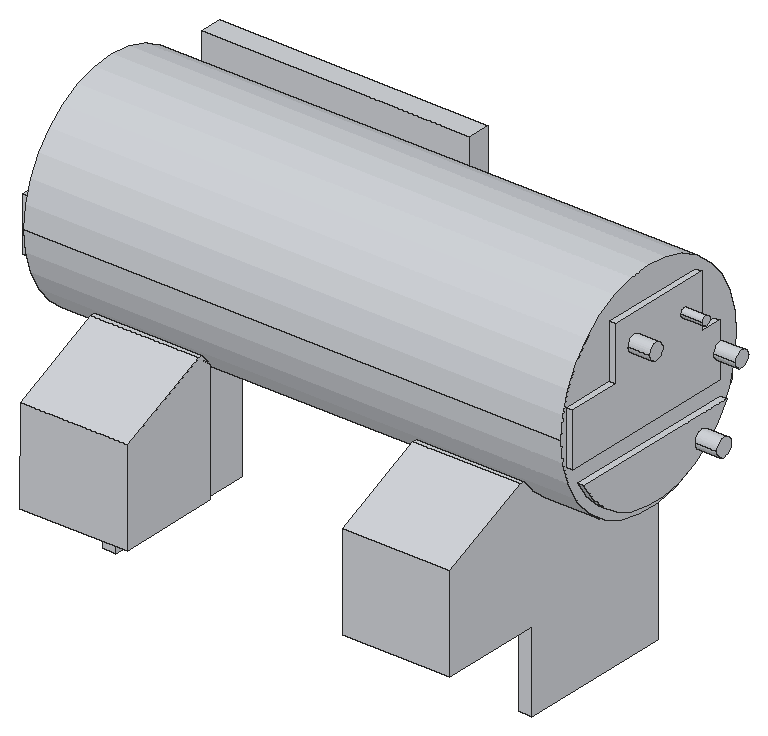
Revit family "M_Resfriador de absorção - Clássico - 394-1635 kW", category Equipamento mecânico, Revit 2019
Family settings
  Cota do conector redondo = Usar raio
  Tipo de parte = Normal
  Número OmniClass = 23.75.10.24.21.21.11
  Título OmniClass = Absorption Water Chillers
  ID de item do Seek = Absorption Chiller - Classic - 394-1635 kW-0000-CAN-ENU
  Com base no plano de trabalho = Não
  Sempre na vertical = Sim
  Corte com vazios quando carregada = Não
  Compartilhado = Não
  Ponto de cálculo do ambiente = Não
Parameters (values of type "394 kW")
  Voltagem = 460 V
  Raio do fornecimento de vapor = 25 mm
  Diâmetro do fornecimento de vapor = Raio do fornecimento de vapor * 2  # 50 mm
  Raio do retorno de vapor = 25 mm
  Diâmetro do retorno de vapor = Raio do retorno de vapor * 2  # 50 mm
  Queda de pressão do vapor [instance] = 0.0 Pa
  Fluxo do vapor [instance] = 245.0 L/s
  Número de pólos = 3
  Classificação de carga = Refrigeração
  Raio do fornecimento de água resfriada = 45 mm
  Diâmetro do fornecimento de água resfriada = Raio do fornecimento de água resfriada * 2  # 90 mm
  Raio do retorno de água resfriada = 50 mm
  Diâmetro do retorno de água resfriada = Raio do retorno de água resfriada * 2  # 100 mm
  Queda de pressão da água da refrigeração [instance] = 75700.0 Pa
  Fluxo da água da refrigeração [instance] = 25.0 L/s
  Capacidade de refrigeração [instance] = 380000 W
  Largura do resfriador = 1778 mm
  Raio do resfriador 1 = Raio do resfriador - 51 mm  # 571.5 mm
  Raio do resfriador = (Altura do resfriador - 965 mm) / 2  # 622.5 mm
  Material do resfriador = none
  Comprimento do resfriador = 3378 mm
  Altura do resfriador = 2210 mm
  Raio do fornecimento de água resfriada = 45 mm
  Diâmetro do fornecimento de água resfriada = Raio do fornecimento de água resfriada * 2  # 90 mm
  Raio do retorno de água resfriada = 45 mm
  Diâmetro do retorno de água resfriada = Raio do retorno de água resfriada * 2  # 90 mm
  Queda de pressão da água resfriada [instance] = 85500.0 Pa
  Fluxo da água resfriada [instance] = 16.3 L/s
  C5 Deslocamento 3 = 1880 mm
  C5 Deslocamento 2 = 203 mm
  C4 Deslocamento 3 = 1194 mm
  C4 Deslocamento 2 = 330 mm
  C3 Deslocamento 3 = 1930 mm
  C3 Deslocamento 2 = 152 mm
  C1 Deslocamento 3 = 1575 mm
  C1 Deslocamento 2 = 457 mm
  Carga aparente = 6400 VA
Types (12, lengths in mm): name | Fluxo do vapor | Raio do fornecimento de água resfriada | Diâmetro do fornecimento de água resfriada | Raio do retorno de água resfriada | Diâmetro do retorno de água resfriada | Queda de pressão da água da refrigeração | Fluxo da água da refrigeração | Capacidade de refrigeração | Largura do resfriador | Raio do resfriador 1 | Raio do resfriador | Comprimento do resfriador | Altura do resfriador | Raio do fornecimento de água resfriada | Diâmetro do fornecimento de água resfriada | Raio do retorno de água resfriada | Diâmetro do retorno de água resfriada | Queda de pressão da água resfriada | Fluxo da água resfriada | C5 Deslocamento 3 | C5 Deslocamento 2 | C4 Deslocamento 3 | C4 Deslocamento 2 | C3 Deslocamento 3 | C3 Deslocamento 2 | C1 Deslocamento 3 | C1 Deslocamento 2
  (no name) | 245.0 L/s | 45 | 90 | 50 | 100 | 75700.0 Pa | 25.0 L/s | 380000 W | 1778 | 571.5 | 622.5 | 3378 | 2210 | 45 | 90 | 45 | 90 | 85500.0 Pa | 16.3 L/s | 1880 | 203 | 1194 | 330 | 1930 | 152 | 1575 | 457
  394 kW | 245.0 L/s | 45 | 90 | 50 | 100 | 75700.0 Pa | 25.0 L/s | 380000 W | 1778 | 571.5 | 622.5 | 3378 | 2210 | 45 | 90 | 45 | 90 | 85500.0 Pa | 16.3 L/s | 1880 | 203 | 1194 | 330 | 1930 | 152 | 1575 | 457
  454 kW | 290.0 L/s | 50 | 100 | 50 | 100 | 102000.0 Pa | 29.3 L/s | 444000 W | 1778 | 571.5 | 622.5 | 3810 | 2210 | 45 | 90 | 45 | 90 | 78300.0 Pa | 19.1 L/s | 1880 | 203 | 1194 | 330 | 1930 | 152 | 1575 | 457
  520 kW | 332.0 L/s | 50 | 100 | 50 | 100 | 83700.0 Pa | 33.6 L/s | 515000 W | 1778 | 571.5 | 622.5 | 4293 | 2210 | 45 | 90 | 45 | 90 | 113000.0 Pa | 22.1 L/s | 1880 | 203 | 1194 | 330 | 1930 | 279 | 1575 | 457
  612 kW | 362.0 L/s | 62.5 | 125 | 62.5 | 125 | 96200.0 Pa | 39.5 L/s | 572000 W | 1854 | 635 | 686 | 3810 | 2337 | 50 | 100 | 50 | 100 | 80700.0 Pa | 24.5 L/s | 1981 | 229 | 1219 | 356 | 2057 | 178 | 1651 | 483
  703 kW | 419.0 L/s | 62.5 | 125 | 62.5 | 125 | 77400.0 Pa | 45.4 L/s | 663000 W | 1854 | 635 | 686 | 4293 | 2337 | 50 | 100 | 50 | 100 | 98300.0 Pa | 28.5 L/s | 1981 | 229 | 1219 | 356 | 2057 | 305 | 1651 | 483
  802 kW | 487.0 L/s | 62.5 | 125 | 62.5 | 125 | 107000.0 Pa | 51.8 L/s | 770000 W | 1854 | 635 | 686 | 4877 | 2337 | 50 | 100 | 50 | 100 | 84000.0 Pa | 33.1 L/s | 1981 | 229 | 1219 | 356 | 2057 | 305 | 1651 | 483
  900 kW | 549.0 L/s | 75 | 150 | 75 | 150 | 74200.0 Pa | 58.2 L/s | 868000 W | 1930 | 711 | 762 | 4394 | 2489 | 62.5 | 125 | 62.5 | 125 | 112000.0 Pa | 37.2 L/s | 2057 | 254 | 1219 | 406 | 2108 | 356 | 1702 | 559
  1034 kW | 640.0 L/s | 75 | 150 | 75 | 150 | 105000.0 Pa | 66.8 L/s | 1010000 W | 1930 | 711 | 762 | 4978 | 2489 | 62.5 | 125 | 62.5 | 125 | 93800.0 Pa | 43.3 L/s | 2057 | 279 | 1219 | 406 | 2108 | 356 | 1702 | 559
  1245 kW | 789.0 L/s | 75 | 150 | 75 | 150 | 88500.0 Pa | 66.8 L/s | 1190000 W | 1930 | 711 | 762 | 5867 | 2489 | 62.5 | 125 | 62.5 | 125 | 62800.0 Pa | 51.0 L/s | 2057 | 254 | 1219 | 406 | 2108 | 356 | 1702 | 559
  1354 kW | 811.0 L/s | 100 | 200 | 100 | 200 | 87900.0 Pa | 87.4 L/s | 1290000 W | 2159 | 812.5 | 863.5 | 5055 | 2692 | 75 | 150 | 75 | 150 | 83700.0 Pa | 55.5 L/s | 2210 | 305 | 1270 | 406 | 2235 | 406 | 1803 | 610
  1477-1635 kW | 989.0 L/s | 100 | 200 | 100 | 200 | 71800.0 Pa | 106.0 L/s | 1560000 W | 2159 | 812.7 | 863.7 | 5943.6 | 2692.4 | 75 | 150 | 75 | 150 | 56600.0 Pa | 67.0 L/s | 2209.8 | 304.8 | 1270 | 406.4 | 2235.2 | 406.4 | 1803.4 | 609.6
Reference planes
  plane 1 "Centro (Frente/Trás)": y = 0
  plane 2: z = 0
  plane 3 "Centro (Esquerda/Direita)": x = 0
  plane 4: y = -177.8
  plane 5: y = 444.7
  plane 6: y = 1067.2
  plane 7: y = 889.4
  plane 8: z = 965.2
  plane 9: z = 2210
  plane 10: z = 1587.6
  plane 11: x = -304.8
  plane 12: x = -342.9
  plane 13: x = -469.9
  plane 14: x = 2908.1
  plane 15: x = 2781.1
  plane 16: x = 2743
  plane 17: x = 2438.2
  plane 18: x = 76.2
  plane 19: x = 2362
  plane 20: z = 457.2
  plane 21: z = 996.95
  plane 22: z = 1219.2
  plane 23: y = 1194.2
  plane 24: y = -583.8
  plane 25: y = -82.55
  plane 26: x = 609.6
  plane 27: x = 1828.6
  plane 28: z = 1194
  plane 29: z = 2057.6
  plane 30: x = -292.1
  plane 31: x = 1231.9
  plane 32: y = 965.6
  plane 33: z = 1371.6
  plane 34: x = 2717.6
  plane 35: x = 1498.4
  plane 36: z = 1321
  plane 37: y = 901.7
  plane 38: y = -12.3
  plane 39: y = -139.3
  plane 40: y = 1028.7
  plane 41: y = 647.7
  plane 42: y = 292.7
  plane 43: y = 39.517
  plane 44: y = 774.7
  plane 45: y = 165.7
  plane 46: z = 1740
  plane 47: z = 1435.2
  plane 48: z = 1892.4
  plane 49: z = 2044.8
Forms (mm)
  Extrusion 1, solid, material <- "Material do resfriador"
    sketch origin (0, 0, 0) x (0, 1, 0) y (0, 0, 1)
      loop
        circle (444.7, 1587.6) r 622.5
    from -304.8 to 2743
  Extrusion 2, solid, material <- "Material do resfriador"
    sketch origin (0, 0, 0) x (0, 1, 0) y (0, 0, 1)
      loop
        line (889.4, 1587.6) -> (0, 1587.6) -> (0, 0) -> (889.4, 0) -> (889.4, 1587.6)
    from 76.2 to 0
  Extrusion 3, solid, material <- "Material do resfriador"
    sketch origin (0, 0, 0) x (0, 1, 0) y (0, 0, 1)
      loop
        line (889.4, 1587.6) -> (0, 1587.6) -> (0, 0) -> (889.4, 0) -> (889.4, 1587.6)
    from 2362 to 2438.2
  Extrusion 4, solid, material <- "Material do resfriador"
    sketch origin (0, 0, 0) x (0, 1, 0) y (0, 0, 1)
      loop
        line (0, 1219.2) -> (-82.55, 1219.2) -> (-583.8, 996.95) -> (-583.8, 457.2) -> (0, 457.2) -> (0, 1219.2)
    from 0 to 609.6
  Extrusion 5, solid, material <- "Material do resfriador"
    sketch origin (0, 0, 0) x (0, 1, 0) y (0, 0, 1)
      loop
        line (0, 1219.2) -> (-82.55, 1219.2) -> (-583.8, 996.95) -> (-583.8, 457.2) -> (0, 457.2) -> (0, 1219.2)
    from 1828.6 to 2438.2
  Extrusion 6, solid, material <- "Material do resfriador"
    sketch origin (0, 0, 0) x (0, 1, 0) y (0, 0, 1)
      loop
        line (1194.2, 2057.6) -> (1067.2, 2057.6) -> (1067.2, 1194) -> (1194.2, 1194) -> (1194.2, 2057.6)
    from -292.1 to 1231.9
  Extrusion 7, solid, material <- "Material do resfriador"
    sketch origin (0, 0, 0) x (0, 1, 0) y (0, 0, 1)
      loop
        circle (965.6, 1371.6) r 101.6
    from 1498.4 to 2717.6
  Extrusion 8, solid, material <- "Material do resfriador"
    sketch origin (0, 0, 0) x (0, 1, 0) y (0, 0, 1)
      loop
        line (950.206, 1321) -> (-60.806, 1321)
        arc (-60.806, 1321) -> (444.7, 1016.1) -> (950.206, 1321) r 571.5
    from -342.9 to -304.8
  Extrusion 9, solid, material <- "Material do resfriador"
    sketch origin (0, 0, 0) x (0, 1, 0) y (0, 0, 1)
      loop
        line (774.7, 2044.8) -> (165.7, 2044.8) -> (165.7, 1740) -> (-139.3, 1740) -> (-139.3, 1435.2) -> (1028.7, 1435.2) -> (1028.7, 1740) -> (774.7, 1740) -> (774.7, 2044.8)
    from -342.9 to -304.8
  Extrusion 10, solid, material <- "Material do resfriador"
    sketch origin (0, 0, 0) x (0, 1, 0) y (0, 0, 1)
      loop
        line (950.206, 1321) -> (-60.806, 1321)
        arc (-60.806, 1321) -> (444.7, 1016.1) -> (950.206, 1321) r 571.5
    from 2743 to 2781.1
  Extrusion 11, solid, material <- "Material do resfriador"
    sketch origin (0, 0, 0) x (0, 1, 0) y (0, 0, 1)
      loop
        line (774.7, 2044.8) -> (165.7, 2044.8) -> (165.7, 1740) -> (-139.3, 1740) -> (-139.3, 1435.2) -> (901.7, 1435.2) -> (901.7, 1740) -> (774.7, 1740) -> (774.7, 2044.8)
    from 2743 to 2781.1
  Extrusion 12, solid, material <- "Material do resfriador"
    sketch origin (0, 0, 0) x (0, 1, 0) y (0, 0, 1)
      loop
        circle (647.7, 1892.4) r 25
      loop
        circle (901.7, 1587.6) r 45
    from -342.9 to -469.9
  Extrusion 13, solid, material <- "Material do resfriador"
    sketch origin (0, 0, 0) x (0, 1, 0) y (0, 0, 1)
      loop
        circle (647.7, 1892.4) r 25
      loop
        circle (292.7, 1892.4) r 45
      loop
        circle (901.7, 1587.6) r 45
      loop
        circle (774.7, 1194) r 50
    from 2781.1 to 2908.1
Cuts and joins
  joined: Extrusion 1, Extrusion 2, Extrusion 3, Extrusion 4, Extrusion 5, Extrusion 6, Extrusion 7, Extrusion 8, Extrusion 9, Extrusion 10, Extrusion 11, Extrusion 12, Extrusion 13
Dimensions and locks
  locked: plane 1 "Centro (Frente/Trás)" to plane 4 at 177.8
  "Raio do resfriador": plane 5 to plane 4
  "Raio do resfriador": plane 6 to plane 5
  locked: plane 6 to plane 7 at 177.8
  locked: plane 8 to plane 2 at 965.2
  "Altura do resfriador": plane 9 to plane 2
  equal spacing: plane 9, plane 10, plane 8
  locked: plane 11 to plane 3 "Centro (Esquerda/Direita)" at 304.8
  locked: plane 12 to plane 11 at 38.1
  locked: plane 13 to plane 12 at 127
  "Comprimento do resfriador": plane 13 to plane 14
  locked: plane 15 to plane 14 at 127
  locked: plane 16 to plane 15 at 38.1
  locked: plane 17 to plane 16 at 304.8
  locked: plane 3 "Centro (Esquerda/Direita)" to plane 18 at 76.2
  locked: plane 19 to plane 17 at 76.2
  locked: plane 20 to plane 2 at 457.2
  locked: plane 21 to plane 20 at 539.75
  locked: plane 22 to plane 21 at 222.25
  locked: plane 23 to plane 6 at 127
  "Largura do resfriador": plane 23 to plane 24
  locked: plane 1 "Centro (Frente/Trás)" to plane 25 at 82.55
  locked: plane 3 "Centro (Esquerda/Direita)" to plane 26 at 609.6
  locked: plane 27 to plane 17 at 609.6
  "C4 Deslocamento 3": plane 28 to plane 2
  locked: plane 29 to plane 28 at 863.6
  locked: plane 11 to plane 30 at 12.7
  locked: plane 30 to plane 31 at 1524
  locked: plane 6 to plane 32 at 101.6
  locked: plane 33 to plane 2 at 1371.6
  locked: plane 34 to plane 16 at 25.4
  locked: plane 35 to plane 34 at 1219.2
  locked: plane 36 to plane 28 at 127
  "C1 Deslocamento 2": plane 37 to plane 5
  "C1 Deslocamento 2": plane 5 to plane 38
  locked: plane 40 to plane 37 at 127
  locked: plane 38 to plane 39 at 127
  "C5 Deslocamento 2": plane 41 to plane 5
  "C3 Deslocamento 2": plane 5 to plane 42
  locked: plane 44 to plane 41 at 127
  locked: plane 42 to plane 45 at 127
  locked: plane 10 to plane 47 at 152.4
  locked: plane 46 to plane 10 at 152.4
  locked: plane 48 to plane 46 at 152.4
  locked: plane 49 to plane 48 at 152.4
  "Raio do resfriador": radius of Extrusion 1 sketch curve
  radius of Extrusion 7 sketch curve = 101.6 mm
  "Raio do resfriador 1": radius of Extrusion 8 sketch curve
  "Raio do resfriador 1": radius of Extrusion 10 sketch curve
  "Raio do retorno de vapor": radius of Extrusion 12 sketch curve
  "Raio do retorno de água resfriada": radius of Extrusion 12 sketch curve
  "Raio do fornecimento de vapor": radius of Extrusion 13 sketch curve
  "Raio do fornecimento de água resfriada": radius of Extrusion 13 sketch curve  (x2)
  "Raio do retorno de água resfriada": radius of Extrusion 13 sketch curve
  aligned and locked: plane 5 to Extrusion 1 sketch curve
  aligned and locked: plane 10 to Extrusion 1 sketch curve
  aligned and locked: plane 16 to Extrusion 1
  aligned and locked: Extrusion 1 to plane 11
  aligned and locked: plane 7 to Extrusion 2 sketch curve
  aligned and locked: plane 10 to Extrusion 2 sketch curve
  aligned and locked: plane 2 to Extrusion 2 sketch curve
  aligned and locked: plane 1 "Centro (Frente/Trás)" to Extrusion 2 sketch curve
  aligned and locked: Extrusion 2 to plane 18
  aligned and locked: Extrusion 2 to plane 3 "Centro (Esquerda/Direita)"
  aligned and locked: Extrusion 3 sketch curve to Extrusion 2  (x3)
  aligned and locked: Extrusion 2 to Extrusion 3 sketch curve
  aligned and locked: plane 17 to Extrusion 3
  aligned and locked: Extrusion 3 to plane 19
  aligned and locked: Extrusion 4 to plane 3 "Centro (Esquerda/Direita)"
  aligned and locked: plane 26 to Extrusion 4
  aligned and locked: plane 17 to Extrusion 5
  aligned and locked: Extrusion 5 to plane 27
  aligned and locked: plane 23 to Extrusion 6 sketch curve
  aligned and locked: plane 29 to Extrusion 6 sketch curve
  aligned and locked: plane 28 to Extrusion 6 sketch curve
  aligned and locked: Extrusion 6 sketch curve to plane 6
  aligned and locked: Extrusion 6 to plane 30
  aligned and locked: plane 31 to Extrusion 6
  aligned and locked: plane 32 to Extrusion 7 sketch curve
  aligned and locked: plane 33 to Extrusion 7 sketch curve
  aligned and locked: plane 34 to Extrusion 7
  aligned and locked: Extrusion 7 to plane 35
  aligned and locked: plane 5 to Extrusion 8 sketch curve
  aligned and locked: plane 10 to Extrusion 8 sketch curve
  aligned and locked: Extrusion 1 to Extrusion 8
  aligned and locked: Extrusion 8 to plane 12
  aligned and locked: Extrusion 9 to plane 12
  aligned and locked: Extrusion 9 to Extrusion 1
  aligned and locked: plane 15 to Extrusion 11
  aligned and locked: Extrusion 11 to Extrusion 1
  aligned and locked: plane 15 to Extrusion 10
  aligned and locked: Extrusion 10 to Extrusion 1
  aligned and locked: plane 41 to Extrusion 12 sketch curve
  aligned and locked: plane 48 to Extrusion 12 sketch curve
  aligned and locked: plane 37 to Extrusion 12 sketch curve
  aligned and locked: plane 10 to Extrusion 12 sketch curve
  aligned and locked: Extrusion 12 to plane 13
  aligned and locked: plane 12 to Extrusion 12
  aligned and locked: plane 37 to Extrusion 13 sketch curve
  aligned and locked: plane 10 to Extrusion 13 sketch curve
  aligned and locked: plane 41 to Extrusion 13 sketch curve
  aligned and locked: plane 48 to Extrusion 13 sketch curve  (x2)
  aligned and locked: plane 42 to Extrusion 13 sketch curve
  aligned and locked: plane 44 to Extrusion 13 sketch curve
  aligned and locked: plane 28 to Extrusion 13 sketch curve
  aligned and locked: plane 14 to Extrusion 13
  aligned and locked: Extrusion 13 to plane 15
  aligned and locked: plane 22 to cut or joined group 1 (Extrusion 1, Extrusion 2, Extrusion 3, Extrusion 4, Extrusion 5, Extrusion 6, Extrusion 7, Extrusion 8, Extrusion 9, Extrusion 10, Extrusion 11, Extrusion 12, Extrusion 13)  (x2)
  aligned and locked: plane 24 to cut or joined group 1  (x2)
  aligned and locked: cut or joined group 1 to plane 20  (x2)
  aligned and locked: cut or joined group 1 to plane 1 "Centro (Frente/Trás)"  (x2)
  aligned and locked: plane 36 to cut or joined group 1  (x2)
  aligned and locked: cut or joined group 1 to plane 40  (x3)
  aligned and locked: plane 46 to cut or joined group 1  (x4)
  aligned and locked: cut or joined group 1 to plane 44  (x2)
  aligned and locked: cut or joined group 1 to plane 49  (x2)
  aligned and locked: plane 45 to cut or joined group 1  (x2)
  aligned and locked: plane 39 to cut or joined group 1  (x2)
  aligned and locked: plane 47 to cut or joined group 1  (x2)
  aligned and locked: plane 40 to cut or joined group 1
  aligned and locked: plane 49 to Extrusion 11 sketch curve
  aligned and locked: Extrusion 11 sketch curve to plane 46  (x2)
  aligned and locked: plane 37 to Extrusion 11 sketch curve
  aligned and locked: plane 44 to Extrusion 11 sketch curve
  aligned and locked: Extrusion 11 sketch curve to plane 45
  aligned and locked: Extrusion 11 sketch curve to plane 39
  aligned and locked: Extrusion 11 sketch curve to plane 47
  aligned and locked: plane 10 to Extrusion 10 sketch curve
  aligned and locked: plane 5 to Extrusion 10 sketch curve
Automatic sketch dimensions
  Extrusion 4 sketch curve to plane 20 = 0 mm
  Extrusion 4 sketch curve to plane 24 = 0 mm
  Extrusion 4 sketch curve to plane 25 = 0 mm
  Extrusion 4 sketch curve to plane 1 "Centro (Frente/Trás)" = 0 mm
  Extrusion 4 sketch curve to plane 21 = 0 mm
  Extrusion 4 sketch curve to plane 22 = 0 mm
  Extrusion 5 sketch curve to plane 21 = 0 mm
  Extrusion 5 sketch curve to plane 24 = 0 mm
  Extrusion 5 sketch curve to plane 25 = 0 mm
  Extrusion 5 sketch curve to plane 1 "Centro (Frente/Trás)" = 0 mm
  Extrusion 5 sketch curve to plane 20 = 0 mm
  Extrusion 5 sketch curve to plane 22 = 0 mm
  Extrusion 8 sketch curve to plane 36 = 0 mm
  plane 39 to Extrusion 9 sketch curve = 0 mm
  Extrusion 9 sketch curve to plane 45 = 0 mm
  Extrusion 9 sketch curve to plane 44 = 0 mm
  Extrusion 9 sketch curve to plane 40 = 0 mm
  Extrusion 9 sketch curve to plane 47 = 0 mm
  Extrusion 9 sketch curve to plane 46 = 0 mm  (x2)
  Extrusion 9 sketch curve to plane 49 = 0 mm
  Extrusion 10 sketch curve to plane 36 = 0 mm
Connectors
  piping at (2908.1, 901.7, 1587.6), diameter 90, driven by "Raio do retorno de água resfriada", driven by "Fluxo da água resfriada"
    settings: on Extrusion 13, index 1, connector inside diameter 90 mm, connector length 0 mm, flow factor 0, pipe flow 16.3 L/s, pressure drop 0.0 Pa, fitting loss kfactor 0, connector angle 0.00°, fixture units 0, engagement length 0 mm, angle of deflection 0.00°, flow configuration 0, flow direction 1, fitting loss method 4, system type 8, joint type 0, gender type 0, connector reference index 2, connector utility 0, adjustable connector no, is connector primary yes, connector description "Entrada de água resfriada"
  piping at (-469.9, 901.7, 1587.6), diameter 90, driven by "Raio do fornecimento de água resfriada", driven by "Fluxo da água resfriada", driven by "Queda de pressão da água resfriada"
    settings: on Extrusion 12, index 2, connector inside diameter 90 mm, connector length 0 mm, flow factor 0, pipe flow 16.3 L/s, pressure drop 85500.0 Pa, fitting loss kfactor 0, connector angle 0.00°, fixture units 0, engagement length 0 mm, angle of deflection 0.00°, flow configuration 0, flow direction 2, fitting loss method 4, system type 7, joint type 0, gender type 0, connector reference index 1, connector utility 0, adjustable connector no, is connector primary no, connector description "Saída de água resfriada"
  piping at (2908.1, 292.7, 1892.4), diameter 90, driven by "Raio do fornecimento de água resfriada", driven by "Fluxo da água da refrigeração"
    settings: on Extrusion 13, index 3, connector inside diameter 90 mm, connector length 0 mm, flow factor 0, pipe flow 25.0 L/s, pressure drop 0.0 Pa, fitting loss kfactor 0, connector angle 0.00°, fixture units 0, engagement length 0 mm, angle of deflection 0.00°, flow configuration 1, flow direction 1, fitting loss method 4, system type 7, joint type 0, gender type 0, connector reference index 4, connector utility 0, adjustable connector no, is connector primary no, connector description "Entrada da água da refrigeração"
  piping at (2908.1, 774.7, 1194), diameter 100, driven by "Raio do retorno de água resfriada", driven by "Queda de pressão da água da refrigeração", driven by "Fluxo da água da refrigeração"
    settings: on Extrusion 13, index 4, connector inside diameter 100 mm, connector length 0 mm, flow factor 0, pipe flow 25.0 L/s, pressure drop 75700.0 Pa, fitting loss kfactor 0, connector angle 0.00°, fixture units 0, engagement length 0 mm, angle of deflection 0.00°, flow configuration 1, flow direction 2, fitting loss method 4, system type 8, joint type 0, gender type 0, connector reference index 3, connector utility 0, adjustable connector no, is connector primary no, connector description "Saída da água da refrigeração"
  piping at (2908.1, 647.7, 1892.4), diameter 50, driven by "Raio do fornecimento de vapor", driven by "Fluxo do vapor"
    settings: on Extrusion 13, index 5, connector inside diameter 50 mm, connector length 0 mm, flow factor 0, pipe flow 245.0 L/s, pressure drop 0.0 Pa, fitting loss kfactor 0, connector angle 0.00°, fixture units 0, engagement length 0 mm, angle of deflection 0.00°, flow configuration 1, flow direction 1, fitting loss method 0, system type 22, joint type 0, gender type 0, connector reference index -1, connector utility 0, adjustable connector no, is connector primary no, connector description "Entrada de vapor"
  piping at (-469.9, 647.7, 1892.4), diameter 50, driven by "Raio do retorno de vapor", driven by "Fluxo do vapor", driven by "Queda de pressão do vapor"
    settings: on Extrusion 12, index 6, connector inside diameter 50 mm, connector length 0 mm, flow factor 0, pipe flow 245.0 L/s, pressure drop 0.0 Pa, fitting loss kfactor 0, connector angle 0.00°, fixture units 0, engagement length 0 mm, angle of deflection 0.00°, flow configuration 1, flow direction 2, fitting loss method 0, system type 22, joint type 0, gender type 0, connector reference index -1, connector utility 0, adjustable connector no, is connector primary no, connector description "Saída de vapor"
  electrical at (469.9, 1194.2, 1625.8), driven by "Carga aparente", driven by "Voltagem", driven by "Número de pólos", driven by "Classificação de carga"
    settings: on Extrusion 6, index 7, voltage 460 V, apparent load 6400 VA, apparent load phase1 0 VA, apparent load phase2 0 VA, apparent load phase3 0 VA, power factor 0.8, load classification "Refrigeração", number of poles 3, system type 30, power factor state 1, is connector primary yes, connector utility no, sub classification motor no, connector description ""
